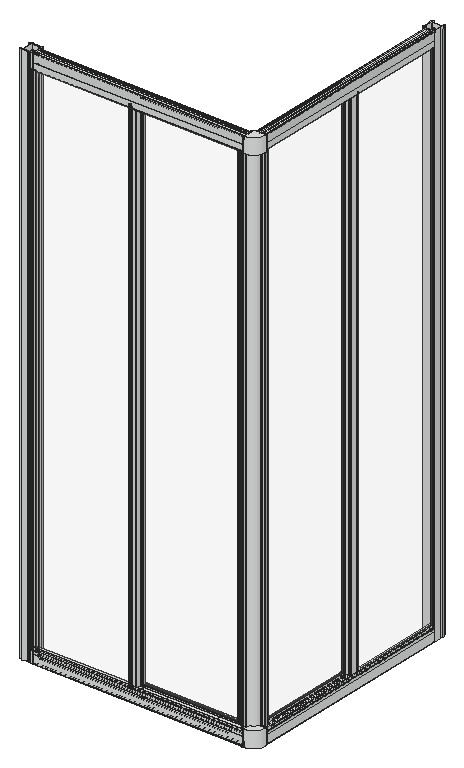
Revit family "Shower-Shower_Door-KOHLER-ODEON-K-17117T_1", category Specialty Equipment, host Face, Revit 2017
Family settings
  Host = Face
  Round Connector Dimension = Use Diameter
  Part Type = Normal
  OmniClass Number = 23.31.17.17
  OmniClass Title = Shower Enclosures
  Cut with Voids When Loaded = No
  Shared = No
  Room Calculation Point = No
Parameters (values of type "SH-Bright Silver")
  Width = 31 133/256"  # constant formula
  WaterSense Certified = 1 = 0  # no
  URL = "http://www.kohler.com.cn/"
  Type = 1
  Product Page URL = ""
  Product Name = "ODEON"  # constant formula
  Product Documentation Link = ""
  Model = if(Type = 1, "K-17117T-L-SH", if(Type = 2, "K-17117T-L-0", "NA"))  # "K-17117T-L-SH"
  Material = "Aluminum"  # constant formula
  Master Format 2014 Name = "Shower Doors"  # constant formula
  Master Format 2014 = "10 28 19.16"  # constant formula
  Manufacturer Address = "Kohler Beijing Office (100016) 36-2-03-B, No. 88, Liuxiang Road, Beijing"  # constant formula
  Manufacturer = "KOHLER Co."  # constant formula
  Length = 31 69/128"  # constant formula
  Height = 72 53/64"  # constant formula
  Finish = Kohler-Metal-SH-Bright_Silver
  Environmental Product Declaration = ""
  Description = "HINGED, L SHAPE, SEALED, 8"  # constant formula
  Default Elevation = 0"
  Declare Label = ""
  Date Modified = "09/24/2021"  # constant formula
  Date Created = "09/24/2021"  # constant formula
  Copyright = "Copyright KOHLER Co."  # constant formula
  Contact Us = "http://www.kohler.com.cn/contact/contact-us/"
  Assembly Code = "C1030200"
  ADA Compliant = 1 = 0  # no
Reference planes (in)
  plane 1 "Center (Front/Back)": y = 0
  plane 2: z = 0
  plane 3 "Center (Left/Right)": x = 0
  plane 4: z = 36.415
  plane 5: z = 70.84
  plane 6: z = 72.82812
  plane 7: x = -0.83435
  plane 8: x = -1.63947
  plane 9: x = -31.51953
  plane 10: x = -29.77591
  plane 11: x = -15.76
  plane 12: y = 0.85316
  plane 13: y = 1.65828
  plane 14: y = 15.77
  plane 15: y = 31.53906
  plane 16: z = 1.99
Dimensions and locks (in)
  "Width": plane 9 to plane 3 "Center (Left/Right)"
  "Length": plane 15 to plane 1 "Center (Front/Back)"
  "Height": plane 6 to level
  plane 5 to level = 70.84"  (x2)
  plane 6 to plane 5 = 1.98813"
  plane 16 to level = 1.99"
  plane 1 "Center (Front/Back)" to plane 15 = 31 69/128"
  aligned and locked: plane 2 to host face
  aligned and locked: level to host face
Automatic sketch dimensions
  host sketch curve to host sketch curve = 96"  (x2)
Nested families (in)
  nested 1: "K-17117T" at (0, 0, 0), type "K17117T"
Definition of nested family "K-17117T"
  Parameters (values of type "K-17117T")
    Material = none
  Reference planes (in)
    plane 1 "Center (Front/Back)": y = 0
    plane 2: z = 0
    plane 3 "Center (Left/Right)": x = 0
    plane 4: z = 72.83
    plane 5: z = 70.84
    plane 6: x = -31.52
    plane 7: y = 31.54
    plane 8: y = 0.04804
    plane 9: y = 1.65828
    plane 10: y = 0.85316
    plane 11: x = -1.63947
    plane 12: x = -0.02924
    plane 13: x = -0.83435
    plane 14: z = 36.415
    plane 15: y = 15.77
    plane 16: x = -15.76
    plane 17: x = -7.88
  Forms (in)
    Extrusion 1, solid, material <- "Material", detail levels medium+fine
      sketch origin (0, 0, 0) x (1, 0, 0) y (0, 1, 0)
        loop
          line (-1.51742, 31.20946) -> (-1.51742, 31.5136)
          arc (-1.51742, 31.5136) -> (-1.54203, 31.5382) -> (-1.56664, 31.5136) r 0.02461
          line (-1.56664, 31.5136) -> (-1.56664, 30.16123)
          arc (-1.56664, 30.16123) -> (-1.54203, 30.13663) -> (-1.51742, 30.16123) r 0.02461
          line (-1.51742, 30.16123) -> (-1.51742, 31.12088)
          arc (-1.51742, 31.12088) -> (-1.51166, 31.1348) -> (-1.49774, 31.14056) r 0.01969
          line (-1.49774, 31.14056) -> (-0.17097, 31.14056)
          arc (-0.17097, 31.14056) -> (-0.15705, 31.1348) -> (-0.15128, 31.12088) r 0.01969
          line (-0.15128, 31.12088) -> (-0.15128, 30.56281)
          arc (-0.15128, 30.56281) -> (-0.12668, 30.5382) -> (-0.10207, 30.56281) r 0.02461
          line (-0.10207, 30.56281) -> (-0.10207, 31.5136)
          arc (-0.10207, 31.5136) -> (-0.12668, 31.5382) -> (-0.15128, 31.5136) r 0.02461
          line (-0.15128, 31.5136) -> (-0.15128, 31.20946)
          arc (-0.15128, 31.20946) -> (-0.15705, 31.19554) -> (-0.17097, 31.18978) r 0.01969
          line (-0.17097, 31.18978) -> (-1.49774, 31.18978)
          arc (-1.49774, 31.18978) -> (-1.51166, 31.19554) -> (-1.51742, 31.20946) r 0.01969
      from 0 to 72.83465
    Extrusion 2, solid, material <- "Material", detail levels medium+fine
      sketch origin (0, 0, 0) x (1, 0, 0) y (0, 1, 0)
        loop
          line (-1.57845, 29.84332) -> (-1.57845, 31.21825)
          arc (-1.57845, 31.21825) -> (-1.61486, 31.25358) -> (-1.64909, 31.21613) r 0.03535
          arc (-1.64909, 31.21613) -> (-1.63564, 30.93421) -> (-1.62902, 30.65204) r 11.65033
          arc (-1.62902, 30.65204) -> (-1.63243, 30.24386) -> (-1.65189, 29.83613) r 10.37372
          arc (-1.65189, 29.83613) -> (-1.64137, 29.80659) -> (-1.61261, 29.79411) r 0.03937
          line (-1.61261, 29.79411) -> (-0.48248, 29.79411) -> (-0.48248, 29.84332) -> (-0.52333, 29.84332) -> (-0.48248, 29.89446) -> (-0.52333, 29.89446) -> (-0.48248, 29.94561) -> (-0.52333, 29.94561) -> (-0.48248, 29.99675) -> (-0.52333, 29.99675) -> (-0.48248, 30.04789) -> (-0.52333, 30.04789) -> (-0.48248, 30.09904) -> (-0.52333, 30.09904) -> (-0.52333, 30.16846)
          arc (-0.52333, 30.16846) -> (-0.51651, 30.18492) -> (-0.50004, 30.19175) r 0.02329
          line (-0.50004, 30.19175) -> (-0.09421, 30.19175) -> (-0.09421, 29.84332) -> (-0.22609, 29.84332) -> (-0.22609, 29.79411) -> (-0.0561, 29.79411)
          arc (-0.0561, 29.79411) -> (-0.02733, 29.80659) -> (-0.01681, 29.83613) r 0.03937
          arc (-0.01681, 29.83613) -> (-0.03628, 30.24386) -> (-0.03968, 30.65204) r 10.37372
          arc (-0.03968, 30.65204) -> (-0.03307, 30.93421) -> (-0.01962, 31.21613) r 11.65033
          arc (-0.01962, 31.21613) -> (-0.05385, 31.25358) -> (-0.09026, 31.21825) r 0.03535
          line (-0.09026, 31.21825) -> (-0.09026, 30.24096) -> (-0.51404, 30.24096)
          arc (-0.51404, 30.24096) -> (-0.55541, 30.22382) -> (-0.57254, 30.18245) r 0.05851
          line (-0.57254, 30.18245) -> (-0.57254, 29.84332) -> (-1.57845, 29.84332)
      from 0 to 72.83465
    Extrusion 3, solid, material <- "Material", detail levels medium+fine
      sketch origin (0.0182, 0.01881, 0) x (0, -1, 0) y (1, 0, 0)
        loop
          arc (-1.51742, -31.20946) -> (-1.51166, -31.19554) -> (-1.49774, -31.18978) r 0.01969
          line (-1.49774, -31.18978) -> (-0.17097, -31.18978)
          arc (-0.17097, -31.18978) -> (-0.15705, -31.19554) -> (-0.15128, -31.20946) r 0.01969
          line (-0.15128, -31.20946) -> (-0.15128, -31.5136)
          arc (-0.15128, -31.5136) -> (-0.12668, -31.5382) -> (-0.10207, -31.5136) r 0.02461
          line (-0.10207, -31.5136) -> (-0.10207, -30.56281)
          arc (-0.10207, -30.56281) -> (-0.12668, -30.5382) -> (-0.15128, -30.56281) r 0.02461
          line (-0.15128, -30.56281) -> (-0.15128, -31.12088)
          arc (-0.15128, -31.12088) -> (-0.15705, -31.1348) -> (-0.17097, -31.14056) r 0.01969
          line (-0.17097, -31.14056) -> (-1.49774, -31.14056)
          arc (-1.49774, -31.14056) -> (-1.51166, -31.1348) -> (-1.51742, -31.12088) r 0.01969
          line (-1.51742, -31.12088) -> (-1.51742, -30.16123)
          arc (-1.51742, -30.16123) -> (-1.54203, -30.13663) -> (-1.56664, -30.16123) r 0.02461
          line (-1.56664, -30.16123) -> (-1.56664, -31.5136)
          arc (-1.56664, -31.5136) -> (-1.54203, -31.5382) -> (-1.51742, -31.5136) r 0.02461
          line (-1.51742, -31.5136) -> (-1.51742, -31.20946)
      from 0 to 72.83
    Extrusion 4, solid, material <- "Material", detail levels medium+fine
      sketch origin (0.0182, 0.03062, 0) x (0, -1, 0) y (1, 0, 0)
        loop
          line (-1.57845, -29.84332) -> (-0.57254, -29.84332) -> (-0.57254, -30.18245)
          arc (-0.57254, -30.18245) -> (-0.55541, -30.22382) -> (-0.51404, -30.24096) r 0.05851
          line (-0.51404, -30.24096) -> (-0.09026, -30.24096) -> (-0.09026, -31.21825)
          arc (-0.09026, -31.21825) -> (-0.05385, -31.25358) -> (-0.01962, -31.21613) r 0.03535
          arc (-0.01962, -31.21613) -> (-0.03307, -30.93421) -> (-0.03968, -30.65204) r 11.65033
          arc (-0.03968, -30.65204) -> (-0.03628, -30.24386) -> (-0.01681, -29.83613) r 10.37372
          arc (-0.01681, -29.83613) -> (-0.02733, -29.80659) -> (-0.0561, -29.79411) r 0.03937
          line (-0.0561, -29.79411) -> (-0.22609, -29.79411) -> (-0.22609, -29.84332) -> (-0.09421, -29.84332) -> (-0.09421, -30.19175) -> (-0.50004, -30.19175)
          arc (-0.50004, -30.19175) -> (-0.51651, -30.18492) -> (-0.52333, -30.16846) r 0.02329
          line (-0.52333, -30.16846) -> (-0.52333, -30.09904) -> (-0.48248, -30.09904) -> (-0.52333, -30.04789) -> (-0.48248, -30.04789) -> (-0.52333, -29.99675) -> (-0.48248, -29.99675) -> (-0.52333, -29.94561) -> (-0.48248, -29.94561) -> (-0.52333, -29.89446) -> (-0.48248, -29.89446) -> (-0.52333, -29.84332) -> (-0.48248, -29.84332) -> (-0.48248, -29.79411) -> (-1.61261, -29.79411)
          arc (-1.61261, -29.79411) -> (-1.64137, -29.80659) -> (-1.65189, -29.83613) r 0.03937
          arc (-1.65189, -29.83613) -> (-1.63243, -30.24386) -> (-1.62902, -30.65204) r 10.37372
          arc (-1.62902, -30.65204) -> (-1.63564, -30.93421) -> (-1.64909, -31.21613) r 11.65033
          arc (-1.64909, -31.21613) -> (-1.61486, -31.25358) -> (-1.57845, -31.21825) r 0.03535
          line (-1.57845, -31.21825) -> (-1.57845, -29.84332)
      from 0 to 72.83
    Extrusion 5, solid, material <- "Material", detail levels medium+fine
      sketch origin (0, 0, 0) x (0, 1, 0) y (0, 0, 1)
        loop
          arc (0.15434, 72.68504) -> (0.14042, 72.6908) -> (0.13466, 72.70472) r 0.01969
          line (0.13466, 72.70472) -> (0.13466, 72.81496)
          arc (0.13466, 72.81496) -> (0.12889, 72.82888) -> (0.11497, 72.83465) r 0.01969
          line (0.11497, 72.83465) -> (0.07602, 72.83465)
          arc (0.07602, 72.83465) -> (0.06152, 72.82827) -> (0.05641, 72.81328) r 0.01969
          arc (0.05641, 72.81328) -> (0.09213, 72.2581) -> (0.10405, 71.7019) r 12.98786
          line (0.10405, 71.7019) -> (0.10405, 70.87001)
          arc (0.10405, 70.87001) -> (0.12869, 70.84537) -> (0.15333, 70.87001) r 0.02464
          line (0.15333, 70.87001) -> (0.15333, 70.90945) -> (0.18884, 70.90945) -> (0.18884, 70.9845) -> (0.22231, 71.00382) -> (0.22231, 71.06681) -> (0.16178, 71.03186) -> (0.16178, 71.10667) -> (0.22231, 71.14161) -> (0.22231, 71.2046) -> (0.16178, 71.16966) -> (0.16178, 71.30709)
          arc (0.16178, 71.30709) -> (0.17331, 71.33493) -> (0.20115, 71.34646) r 0.03937
          line (0.20115, 71.34646) -> (0.53377, 71.34646)
          arc (0.53377, 71.34646) -> (0.56161, 71.33493) -> (0.57314, 71.30709) r 0.03937
          line (0.57314, 71.30709) -> (0.57314, 71.16966) -> (0.51261, 71.2046) -> (0.51261, 71.14161) -> (0.57314, 71.10667) -> (0.57314, 71.03186) -> (0.51261, 71.06681) -> (0.51261, 71.00382) -> (0.54608, 70.9845) -> (0.54608, 70.90945) -> (0.62314, 70.90945) -> (0.62314, 71.53937)
          arc (0.62314, 71.53937) -> (0.64501, 71.62726) -> (0.70553, 71.69465) r 0.18752
          arc (0.70553, 71.69465) -> (0.75009, 71.73086) -> (0.78771, 71.77424) r 0.33008
          arc (0.78771, 71.77424) -> (0.8257, 71.80623) -> (0.87424, 71.81671) r 0.10292
          line (0.87424, 71.81671) -> (1.15053, 71.83506)
          arc (1.15053, 71.83506) -> (1.26004, 71.87689) -> (1.32708, 71.97306) r 0.19927
          arc (1.32708, 71.97306) -> (1.31719, 71.99229) -> (1.29795, 71.9824) r 0.0153
          arc (1.29795, 71.9824) -> (1.15404, 71.8821) -> (1.01012, 71.9824) r 0.1534
          arc (1.01012, 71.9824) -> (0.99157, 72.00259) -> (0.96419, 72.00394) r 0.03611
          line (0.96419, 72.00394) -> (0.96419, 72.2025)
          arc (0.96419, 72.2025) -> (0.93919, 72.2275) -> (0.91419, 72.2025) r 0.025
          line (0.91419, 72.2025) -> (0.91419, 71.87855) -> (0.76458, 71.86861) -> (0.76458, 72.5426)
          arc (0.76458, 72.5426) -> (0.80053, 72.6294) -> (0.88733, 72.66535) r 0.12275
          line (0.88733, 72.66535) -> (1.20946, 72.66535)
          arc (1.20946, 72.66535) -> (1.25122, 72.68265) -> (1.26852, 72.72441) r 0.05906
          line (1.26852, 72.72441) -> (1.26852, 72.80821)
          arc (1.26852, 72.80821) -> (1.24352, 72.83321) -> (1.21852, 72.80821) r 0.025
          line (1.21852, 72.80821) -> (1.21852, 72.74409)
          arc (1.21852, 72.74409) -> (1.21275, 72.73018) -> (1.19883, 72.72441) r 0.01969
          line (1.19883, 72.72441) -> (0.88269, 72.72441)
          arc (0.88269, 72.72441) -> (0.82107, 72.7143) -> (0.7659, 72.68504) r 0.19291
          line (0.7659, 72.68504) -> (0.15434, 72.68504)
        loop
          line (0.67009, 72.62598) -> (0.53939, 72.62598)
          arc (0.53939, 72.62598) -> (0.51455, 72.61346) -> (0.50985, 72.58604) r 0.0309
          arc (0.50985, 72.58604) -> (0.51389, 72.52569) -> (0.49069, 72.46984) r 0.13247
          arc (0.49069, 72.46984) -> (0.4506, 72.46332) -> (0.44407, 72.50341) r 0.02872
          arc (0.44407, 72.50341) -> (0.38342, 72.62227) -> (0.32202, 72.50379) r 0.07503
          arc (0.32202, 72.50379) -> (0.31808, 72.46559) -> (0.2797, 72.46454) r 0.0291
          arc (0.2797, 72.46454) -> (0.25317, 72.52184) -> (0.25617, 72.5849) r 0.13247
          arc (0.25617, 72.5849) -> (0.25114, 72.61313) -> (0.2255, 72.62598) r 0.03199
          line (0.2255, 72.62598) -> (0.16768, 72.62598)
          arc (0.16768, 72.62598) -> (0.14398, 72.61592) -> (0.13475, 72.59189) r 0.03295
          line (0.13475, 72.59189) -> (0.17588, 71.41411)
          arc (0.17588, 71.41411) -> (0.20052, 71.4097) -> (0.2255, 71.40822) r 0.21212
          arc (0.2255, 71.40822) -> (0.25114, 71.42107) -> (0.25617, 71.4493) r 0.03199
          arc (0.25617, 71.4493) -> (0.25317, 71.51237) -> (0.2797, 71.56966) r 0.13247
          arc (0.2797, 71.56966) -> (0.31808, 71.56862) -> (0.32202, 71.53042) r 0.0291
          arc (0.32202, 71.53042) -> (0.38342, 71.41193) -> (0.44407, 71.5308) r 0.07503
          arc (0.44407, 71.5308) -> (0.4506, 71.57089) -> (0.49069, 71.56436) r 0.02872
          arc (0.49069, 71.56436) -> (0.51389, 71.50851) -> (0.50985, 71.44817) r 0.13247
          arc (0.50985, 71.44817) -> (0.52537, 71.41158) -> (0.56409, 71.42054) r 0.0309
          line (0.56409, 71.42054) -> (0.56409, 71.54)
          arc (0.56409, 71.54) -> (0.60212, 71.67833) -> (0.70553, 71.77778) r 0.2706
          line (0.70553, 71.77778) -> (0.70553, 72.59055)
          arc (0.70553, 72.59055) -> (0.69515, 72.61561) -> (0.67009, 72.62598) r 0.03543
      from -29.77591 to -1.62569
    Extrusion 6, solid, material <- "Material", detail levels medium+fine
      sketch origin (0.01881, 0, 0) x (-1, 0, 0) y (0, 0, -1)
        loop
          line (0.15434, -72.68504) -> (0.7659, -72.68504)
          arc (0.7659, -72.68504) -> (0.82107, -72.7143) -> (0.88269, -72.72441) r 0.19291
          line (0.88269, -72.72441) -> (1.19883, -72.72441)
          arc (1.19883, -72.72441) -> (1.21275, -72.73018) -> (1.21852, -72.74409) r 0.01969
          line (1.21852, -72.74409) -> (1.21852, -72.80821)
          arc (1.21852, -72.80821) -> (1.24352, -72.83321) -> (1.26852, -72.80821) r 0.025
          line (1.26852, -72.80821) -> (1.26852, -72.72441)
          arc (1.26852, -72.72441) -> (1.25122, -72.68265) -> (1.20946, -72.66535) r 0.05906
          line (1.20946, -72.66535) -> (0.88733, -72.66535)
          arc (0.88733, -72.66535) -> (0.80053, -72.6294) -> (0.76458, -72.5426) r 0.12275
          line (0.76458, -72.5426) -> (0.76458, -71.86861) -> (0.91419, -71.87855) -> (0.91419, -72.2025)
          arc (0.91419, -72.2025) -> (0.93919, -72.2275) -> (0.96419, -72.2025) r 0.025
          line (0.96419, -72.2025) -> (0.96419, -72.00394)
          arc (0.96419, -72.00394) -> (0.99157, -72.00259) -> (1.01012, -71.9824) r 0.03611
          arc (1.01012, -71.9824) -> (1.15404, -71.8821) -> (1.29795, -71.9824) r 0.1534
          arc (1.29795, -71.9824) -> (1.31719, -71.99229) -> (1.32708, -71.97306) r 0.0153
          arc (1.32708, -71.97306) -> (1.26004, -71.87689) -> (1.15053, -71.83506) r 0.19927
          line (1.15053, -71.83506) -> (0.87424, -71.81671)
          arc (0.87424, -71.81671) -> (0.8257, -71.80623) -> (0.78771, -71.77424) r 0.10292
          arc (0.78771, -71.77424) -> (0.75009, -71.73086) -> (0.70553, -71.69465) r 0.33008
          arc (0.70553, -71.69465) -> (0.64501, -71.62726) -> (0.62314, -71.53937) r 0.18752
          line (0.62314, -71.53937) -> (0.62314, -70.90945) -> (0.54608, -70.90945) -> (0.54608, -70.9845) -> (0.51261, -71.00382) -> (0.51261, -71.06681) -> (0.57314, -71.03186) -> (0.57314, -71.10667) -> (0.51261, -71.14161) -> (0.51261, -71.2046) -> (0.57314, -71.16966) -> (0.57314, -71.30709)
          arc (0.57314, -71.30709) -> (0.56161, -71.33493) -> (0.53377, -71.34646) r 0.03937
          line (0.53377, -71.34646) -> (0.20115, -71.34646)
          arc (0.20115, -71.34646) -> (0.17331, -71.33493) -> (0.16178, -71.30709) r 0.03937
          line (0.16178, -71.30709) -> (0.16178, -71.16966) -> (0.22231, -71.2046) -> (0.22231, -71.14161) -> (0.16178, -71.10667) -> (0.16178, -71.03186) -> (0.22231, -71.06681) -> (0.22231, -71.00382) -> (0.18884, -70.9845) -> (0.18884, -70.90945) -> (0.15333, -70.90945) -> (0.15333, -70.87001)
          arc (0.15333, -70.87001) -> (0.12869, -70.84537) -> (0.10405, -70.87001) r 0.02464
          line (0.10405, -70.87001) -> (0.10405, -71.7019)
          arc (0.10405, -71.7019) -> (0.09213, -72.2581) -> (0.05641, -72.81328) r 12.98786
          arc (0.05641, -72.81328) -> (0.06152, -72.82827) -> (0.07602, -72.83465) r 0.01969
          line (0.07602, -72.83465) -> (0.11497, -72.83465)
          arc (0.11497, -72.83465) -> (0.12889, -72.82888) -> (0.13466, -72.81496) r 0.01969
          line (0.13466, -72.81496) -> (0.13466, -72.70472)
          arc (0.13466, -72.70472) -> (0.14042, -72.6908) -> (0.15434, -72.68504) r 0.01969
        loop
          arc (0.67009, -72.62598) -> (0.69515, -72.61561) -> (0.70553, -72.59055) r 0.03543
          line (0.70553, -72.59055) -> (0.70553, -71.77778)
          arc (0.70553, -71.77778) -> (0.60212, -71.67833) -> (0.56409, -71.54) r 0.2706
          line (0.56409, -71.54) -> (0.56409, -71.42054)
          arc (0.56409, -71.42054) -> (0.52537, -71.41158) -> (0.50985, -71.44817) r 0.0309
          arc (0.50985, -71.44817) -> (0.51389, -71.50851) -> (0.49069, -71.56436) r 0.13247
          arc (0.49069, -71.56436) -> (0.4506, -71.57089) -> (0.44407, -71.5308) r 0.02872
          arc (0.44407, -71.5308) -> (0.38342, -71.41193) -> (0.32202, -71.53042) r 0.07503
          arc (0.32202, -71.53042) -> (0.31808, -71.56862) -> (0.2797, -71.56966) r 0.0291
          arc (0.2797, -71.56966) -> (0.25317, -71.51237) -> (0.25617, -71.4493) r 0.13247
          arc (0.25617, -71.4493) -> (0.25114, -71.42107) -> (0.2255, -71.40822) r 0.03199
          arc (0.2255, -71.40822) -> (0.20052, -71.4097) -> (0.17588, -71.41411) r 0.21212
          line (0.17588, -71.41411) -> (0.13475, -72.59189)
          arc (0.13475, -72.59189) -> (0.14398, -72.61592) -> (0.16768, -72.62598) r 0.03295
          line (0.16768, -72.62598) -> (0.2255, -72.62598)
          arc (0.2255, -72.62598) -> (0.25114, -72.61313) -> (0.25617, -72.5849) r 0.03199
          arc (0.25617, -72.5849) -> (0.25317, -72.52184) -> (0.2797, -72.46454) r 0.13247
          arc (0.2797, -72.46454) -> (0.31808, -72.46559) -> (0.32202, -72.50379) r 0.0291
          arc (0.32202, -72.50379) -> (0.38342, -72.62227) -> (0.44407, -72.50341) r 0.07503
          arc (0.44407, -72.50341) -> (0.4506, -72.46332) -> (0.49069, -72.46984) r 0.02872
          arc (0.49069, -72.46984) -> (0.51389, -72.52569) -> (0.50985, -72.58604) r 0.13247
          arc (0.50985, -72.58604) -> (0.51455, -72.61346) -> (0.53939, -72.62598) r 0.0309
          line (0.53939, -72.62598) -> (0.67009, -72.62598)
      from -29.77591 to -1.6445
    Extrusion 7, solid, material <- "Material"
      sketch origin (0, 0, 0) x (1, 0, 0) y (0, 1, 0)
        loop
          line (-1.24971, 1.72324) -> (-1.36991, 1.72324)
          arc (-1.36991, 1.72324) -> (-1.3875, 1.71595) -> (-1.39479, 1.69836) r 0.02488
          line (-1.39479, 1.69836) -> (-1.39479, 1.6445)
          arc (-1.39479, 1.6445) -> (-1.46242, 1.48123) -> (-1.62569, 1.4136) r 0.2309
          line (-1.62569, 1.4136) -> (-1.68081, 1.4136)
          arc (-1.68081, 1.4136) -> (-1.69751, 1.40668) -> (-1.70443, 1.38998) r 0.02362
          line (-1.70443, 1.38998) -> (-1.70443, 1.26852) -> (-1.62569, 1.26852) -> (-1.62569, 0.06147) -> (-1.70443, 0.06147) -> (-1.70443, 0.0277)
          arc (-1.70443, 0.0277) -> (-1.69598, 0.00685) -> (-1.67539, -0.00223) r 0.02994
          arc (-1.67539, -0.00223) -> (-0.45847, 0.48184) -> (0.02083, 1.70065) r 1.64748
          arc (0.02083, 1.70065) -> (0.01431, 1.71533) -> (-0.00058, 1.72134) r 0.02142
          line (-0.00058, 1.72134) -> (-0.03958, 1.72134) -> (-0.03958, 1.6445) -> (-1.24971, 1.6445) -> (-1.24971, 1.72324)
      from 70.78663 to 72.83465
    Extrusion 8, solid, material <- "Material", detail levels medium+fine
      sketch origin (0, 0, 72.83) x (0, 1, 0) y (0, 0, 1)
        loop
          line (0.15434, -72.68504) -> (0.7659, -72.68504)
          arc (0.7659, -72.68504) -> (0.82107, -72.7143) -> (0.88269, -72.72441) r 0.19291
          line (0.88269, -72.72441) -> (1.19883, -72.72441)
          arc (1.19883, -72.72441) -> (1.21275, -72.73018) -> (1.21852, -72.74409) r 0.01969
          line (1.21852, -72.74409) -> (1.21852, -72.80821)
          arc (1.21852, -72.80821) -> (1.24352, -72.83321) -> (1.26852, -72.80821) r 0.025
          line (1.26852, -72.80821) -> (1.26852, -72.72441)
          arc (1.26852, -72.72441) -> (1.25122, -72.68265) -> (1.20946, -72.66535) r 0.05906
          line (1.20946, -72.66535) -> (0.88733, -72.66535)
          arc (0.88733, -72.66535) -> (0.80053, -72.6294) -> (0.76458, -72.5426) r 0.12275
          line (0.76458, -72.5426) -> (0.76458, -71.86861) -> (0.91419, -71.87855) -> (0.91419, -72.2025)
          arc (0.91419, -72.2025) -> (0.93919, -72.2275) -> (0.96419, -72.2025) r 0.025
          line (0.96419, -72.2025) -> (0.96419, -72.00394)
          arc (0.96419, -72.00394) -> (0.99157, -72.00259) -> (1.01012, -71.9824) r 0.03611
          arc (1.01012, -71.9824) -> (1.15404, -71.8821) -> (1.29795, -71.9824) r 0.1534
          arc (1.29795, -71.9824) -> (1.31719, -71.99229) -> (1.32708, -71.97306) r 0.0153
          arc (1.32708, -71.97306) -> (1.26004, -71.87689) -> (1.15053, -71.83506) r 0.19927
          line (1.15053, -71.83506) -> (0.87424, -71.81671)
          arc (0.87424, -71.81671) -> (0.8257, -71.80623) -> (0.78771, -71.77424) r 0.10292
          arc (0.78771, -71.77424) -> (0.75009, -71.73086) -> (0.70553, -71.69465) r 0.33008
          arc (0.70553, -71.69465) -> (0.64501, -71.62726) -> (0.62314, -71.53937) r 0.18752
          line (0.62314, -71.53937) -> (0.62314, -70.90945) -> (0.15333, -70.90945) -> (0.15333, -70.87001)
          arc (0.15333, -70.87001) -> (0.12869, -70.84537) -> (0.10405, -70.87001) r 0.02464
          line (0.10405, -70.87001) -> (0.10405, -71.7019)
          arc (0.10405, -71.7019) -> (0.09213, -72.2581) -> (0.05641, -72.81328) r 12.98786
          arc (0.05641, -72.81328) -> (0.06152, -72.82827) -> (0.07602, -72.83465) r 0.01969
          line (0.07602, -72.83465) -> (0.11497, -72.83465)
          arc (0.11497, -72.83465) -> (0.12889, -72.82888) -> (0.13466, -72.81496) r 0.01969
          line (0.13466, -72.81496) -> (0.13466, -72.70472)
          arc (0.13466, -72.70472) -> (0.14042, -72.6908) -> (0.15434, -72.68504) r 0.01969
        loop
          arc (0.67009, -72.62598) -> (0.69515, -72.61561) -> (0.70553, -72.59055) r 0.03543
          line (0.70553, -72.59055) -> (0.70553, -71.77778)
          arc (0.70553, -71.77778) -> (0.60212, -71.67833) -> (0.56409, -71.54) r 0.2706
          line (0.56409, -71.54) -> (0.56409, -71.42054)
          arc (0.56409, -71.42054) -> (0.52537, -71.41158) -> (0.50985, -71.44817) r 0.0309
          arc (0.50985, -71.44817) -> (0.51389, -71.50851) -> (0.49069, -71.56436) r 0.13247
          arc (0.49069, -71.56436) -> (0.4506, -71.57089) -> (0.44407, -71.5308) r 0.02872
          arc (0.44407, -71.5308) -> (0.38342, -71.41193) -> (0.32202, -71.53042) r 0.07503
          arc (0.32202, -71.53042) -> (0.31808, -71.56862) -> (0.2797, -71.56966) r 0.0291
          arc (0.2797, -71.56966) -> (0.25317, -71.51237) -> (0.25617, -71.4493) r 0.13247
          arc (0.25617, -71.4493) -> (0.25114, -71.42107) -> (0.2255, -71.40822) r 0.03199
          arc (0.2255, -71.40822) -> (0.20052, -71.4097) -> (0.17588, -71.41411) r 0.21212
          line (0.17588, -71.41411) -> (0.13475, -72.59189)
          arc (0.13475, -72.59189) -> (0.14398, -72.61592) -> (0.16768, -72.62598) r 0.03295
          line (0.16768, -72.62598) -> (0.2255, -72.62598)
          arc (0.2255, -72.62598) -> (0.25114, -72.61313) -> (0.25617, -72.5849) r 0.03199
          arc (0.25617, -72.5849) -> (0.25317, -72.52184) -> (0.2797, -72.46454) r 0.13247
          arc (0.2797, -72.46454) -> (0.31808, -72.46559) -> (0.32202, -72.50379) r 0.0291
          arc (0.32202, -72.50379) -> (0.38342, -72.62227) -> (0.44407, -72.50341) r 0.07503
          arc (0.44407, -72.50341) -> (0.4506, -72.46332) -> (0.49069, -72.46984) r 0.02872
          arc (0.49069, -72.46984) -> (0.51389, -72.52569) -> (0.50985, -72.58604) r 0.13247
          arc (0.50985, -72.58604) -> (0.51455, -72.61346) -> (0.53939, -72.62598) r 0.0309
          line (0.53939, -72.62598) -> (0.67009, -72.62598)
        loop
          arc (0.53377, -71.34646) -> (0.56161, -71.33493) -> (0.57314, -71.30709) r 0.03937
          line (0.57314, -71.30709) -> (0.57314, -71.16966) -> (0.51261, -71.2046) -> (0.51261, -71.14161) -> (0.57314, -71.10667) -> (0.57314, -71.03186) -> (0.51261, -71.06681) -> (0.51261, -71.00382) -> (0.56423, -70.97402) -> (0.1707, -70.97402) -> (0.22231, -71.00382) -> (0.22231, -71.06681) -> (0.16178, -71.03186) -> (0.16178, -71.10667) -> (0.22231, -71.14161) -> (0.22231, -71.2046) -> (0.16178, -71.16966) -> (0.16178, -71.30709)
          arc (0.16178, -71.30709) -> (0.17331, -71.33493) -> (0.20115, -71.34646) r 0.03937
          line (0.20115, -71.34646) -> (0.53377, -71.34646)
      from -29.77591 to -1.62569
    Extrusion 9, solid, material <- "Material", detail levels medium+fine
      sketch origin (0.01881, 0, 72.83) x (-1, 0, 0) y (0, 0, -1)
        loop
          arc (0.15434, 72.68504) -> (0.14042, 72.6908) -> (0.13466, 72.70472) r 0.01969
          line (0.13466, 72.70472) -> (0.13466, 72.81496)
          arc (0.13466, 72.81496) -> (0.12889, 72.82888) -> (0.11497, 72.83465) r 0.01969
          line (0.11497, 72.83465) -> (0.07602, 72.83465)
          arc (0.07602, 72.83465) -> (0.06152, 72.82827) -> (0.05641, 72.81328) r 0.01969
          arc (0.05641, 72.81328) -> (0.09213, 72.2581) -> (0.10405, 71.7019) r 12.98786
          line (0.10405, 71.7019) -> (0.10405, 70.87001)
          arc (0.10405, 70.87001) -> (0.12869, 70.84537) -> (0.15333, 70.87001) r 0.02464
          line (0.15333, 70.87001) -> (0.15333, 70.90945) -> (0.62314, 70.90945) -> (0.62314, 71.53937)
          arc (0.62314, 71.53937) -> (0.64501, 71.62726) -> (0.70553, 71.69465) r 0.18752
          arc (0.70553, 71.69465) -> (0.75009, 71.73086) -> (0.78771, 71.77424) r 0.33008
          arc (0.78771, 71.77424) -> (0.8257, 71.80623) -> (0.87424, 71.81671) r 0.10292
          line (0.87424, 71.81671) -> (1.15053, 71.83506)
          arc (1.15053, 71.83506) -> (1.26004, 71.87689) -> (1.32708, 71.97306) r 0.19927
          arc (1.32708, 71.97306) -> (1.31719, 71.99229) -> (1.29795, 71.9824) r 0.0153
          arc (1.29795, 71.9824) -> (1.15404, 71.8821) -> (1.01012, 71.9824) r 0.1534
          arc (1.01012, 71.9824) -> (0.99157, 72.00259) -> (0.96419, 72.00394) r 0.03611
          line (0.96419, 72.00394) -> (0.96419, 72.2025)
          arc (0.96419, 72.2025) -> (0.93919, 72.2275) -> (0.91419, 72.2025) r 0.025
          line (0.91419, 72.2025) -> (0.91419, 71.87855) -> (0.76458, 71.86861) -> (0.76458, 72.5426)
          arc (0.76458, 72.5426) -> (0.80053, 72.6294) -> (0.88733, 72.66535) r 0.12275
          line (0.88733, 72.66535) -> (1.20946, 72.66535)
          arc (1.20946, 72.66535) -> (1.25122, 72.68265) -> (1.26852, 72.72441) r 0.05906
          line (1.26852, 72.72441) -> (1.26852, 72.80821)
          arc (1.26852, 72.80821) -> (1.24352, 72.83321) -> (1.21852, 72.80821) r 0.025
          line (1.21852, 72.80821) -> (1.21852, 72.74409)
          arc (1.21852, 72.74409) -> (1.21275, 72.73018) -> (1.19883, 72.72441) r 0.01969
          line (1.19883, 72.72441) -> (0.88269, 72.72441)
          arc (0.88269, 72.72441) -> (0.82107, 72.7143) -> (0.7659, 72.68504) r 0.19291
          line (0.7659, 72.68504) -> (0.15434, 72.68504)
        loop
          line (0.67009, 72.62598) -> (0.53939, 72.62598)
          arc (0.53939, 72.62598) -> (0.51455, 72.61346) -> (0.50985, 72.58604) r 0.0309
          arc (0.50985, 72.58604) -> (0.51389, 72.52569) -> (0.49069, 72.46984) r 0.13247
          arc (0.49069, 72.46984) -> (0.4506, 72.46332) -> (0.44407, 72.50341) r 0.02872
          arc (0.44407, 72.50341) -> (0.38342, 72.62227) -> (0.32202, 72.50379) r 0.07503
          arc (0.32202, 72.50379) -> (0.31808, 72.46559) -> (0.2797, 72.46454) r 0.0291
          arc (0.2797, 72.46454) -> (0.25317, 72.52184) -> (0.25617, 72.5849) r 0.13247
          arc (0.25617, 72.5849) -> (0.25114, 72.61313) -> (0.2255, 72.62598) r 0.03199
          line (0.2255, 72.62598) -> (0.16768, 72.62598)
          arc (0.16768, 72.62598) -> (0.14398, 72.61592) -> (0.13475, 72.59189) r 0.03295
          line (0.13475, 72.59189) -> (0.17588, 71.41411)
          arc (0.17588, 71.41411) -> (0.20052, 71.4097) -> (0.2255, 71.40822) r 0.21212
          arc (0.2255, 71.40822) -> (0.25114, 71.42107) -> (0.25617, 71.4493) r 0.03199
          arc (0.25617, 71.4493) -> (0.25317, 71.51237) -> (0.2797, 71.56966) r 0.13247
          arc (0.2797, 71.56966) -> (0.31808, 71.56862) -> (0.32202, 71.53042) r 0.0291
          arc (0.32202, 71.53042) -> (0.38342, 71.41193) -> (0.44407, 71.5308) r 0.07503
          arc (0.44407, 71.5308) -> (0.4506, 71.57089) -> (0.49069, 71.56436) r 0.02872
          arc (0.49069, 71.56436) -> (0.51389, 71.50851) -> (0.50985, 71.44817) r 0.13247
          arc (0.50985, 71.44817) -> (0.52537, 71.41158) -> (0.56409, 71.42054) r 0.0309
          line (0.56409, 71.42054) -> (0.56409, 71.54)
          arc (0.56409, 71.54) -> (0.60212, 71.67833) -> (0.70553, 71.77778) r 0.2706
          line (0.70553, 71.77778) -> (0.70553, 72.59055)
          arc (0.70553, 72.59055) -> (0.69515, 72.61561) -> (0.67009, 72.62598) r 0.03543
        loop
          line (0.53377, 71.34646) -> (0.20115, 71.34646)
          arc (0.20115, 71.34646) -> (0.17331, 71.33493) -> (0.16178, 71.30709) r 0.03937
          line (0.16178, 71.30709) -> (0.16178, 71.16966) -> (0.22231, 71.2046) -> (0.22231, 71.14161) -> (0.16178, 71.10667) -> (0.16178, 71.03186) -> (0.22231, 71.06681) -> (0.22231, 71.00382) -> (0.1474, 70.96057) -> (0.58752, 70.96057) -> (0.51261, 71.00382) -> (0.51261, 71.06681) -> (0.57314, 71.03186) -> (0.57314, 71.10667) -> (0.51261, 71.14161) -> (0.51261, 71.2046) -> (0.57314, 71.16966) -> (0.57314, 71.30709)
          arc (0.57314, 71.30709) -> (0.56161, 71.33493) -> (0.53377, 71.34646) r 0.03937
      from -29.77591 to -1.60907
    Extrusion 10, solid, material <- "Material", detail levels medium+fine
      sketch origin (0, 0, 0) x (1, 0, 0) y (0, 1, 0)
        loop
          line (-16.51231, 1.42678) -> (-17.04892, 1.42678) -> (-17.04892, 1.10395) -> (-16.51231, 1.10395) -> (-16.51231, 1.42678)
        loop
          line (-16.64919, 0.78681) -> (-16.91118, 1.04881)
          arc (-16.91118, 1.04881) -> (-16.50658, 1.05441) -> (-16.10235, 1.03625) r 6.88802
          arc (-16.10235, 1.03625) -> (-16.07035, 1.04747) -> (-16.05679, 1.07855) r 0.04241
          line (-16.05679, 1.07855) -> (-16.05679, 1.11073)
          arc (-16.05679, 1.11073) -> (-16.06288, 1.12542) -> (-16.07757, 1.13151) r 0.02078
          line (-16.07757, 1.13151) -> (-16.11585, 1.13151) -> (-16.11585, 1.09608) -> (-16.17722, 1.13151) -> (-16.17722, 1.09608) -> (-16.23859, 1.13151) -> (-16.23859, 1.09608) -> (-16.29997, 1.13151) -> (-16.29997, 1.09608) -> (-16.36134, 1.13151) -> (-16.36134, 1.09934) -> (-16.4412, 1.09934)
          arc (-16.4412, 1.09934) -> (-16.45613, 1.10552) -> (-16.46231, 1.12044) r 0.0211
          line (-16.46231, 1.12044) -> (-16.46231, 1.41029)
          arc (-16.46231, 1.41029) -> (-16.45613, 1.42522) -> (-16.4412, 1.4314) r 0.0211
          line (-16.4412, 1.4314) -> (-16.36134, 1.4314) -> (-16.36134, 1.39923) -> (-16.29997, 1.43466) -> (-16.29997, 1.39923) -> (-16.23859, 1.43466) -> (-16.23859, 1.39923) -> (-16.17722, 1.43466) -> (-16.17722, 1.39923) -> (-16.11585, 1.43466) -> (-16.11585, 1.39923) -> (-16.07757, 1.39923)
          arc (-16.07757, 1.39923) -> (-16.06288, 1.40531) -> (-16.05679, 1.42) r 0.02078
          line (-16.05679, 1.42) -> (-16.05679, 1.45219)
          arc (-16.05679, 1.45219) -> (-16.07035, 1.48327) -> (-16.10235, 1.49448) r 0.04241
          arc (-16.10235, 1.49448) -> (-16.58412, 1.47555) -> (-17.06602, 1.49038) r 6.88802
          arc (-17.06602, 1.49038) -> (-17.09551, 1.47983) -> (-17.10798, 1.45109) r 0.03937
          line (-17.10798, 1.45109) -> (-17.10798, 0.77222)
          arc (-17.10798, 0.77222) -> (-17.08298, 0.74722) -> (-17.05798, 0.77222) r 0.025
          line (-17.05798, 0.77222) -> (-17.05798, 1.01763)
          arc (-17.05798, 1.01763) -> (-17.05125, 1.0346) -> (-17.03472, 1.04235) r 0.02477
          arc (-17.03472, 1.04235) -> (-17.00668, 1.04401) -> (-16.97864, 1.04556) r 6.88802
          line (-16.97864, 1.04556) -> (-16.68454, 0.75146)
          arc (-16.68454, 0.75146) -> (-16.64919, 0.75146) -> (-16.64919, 0.78681) r 0.025
      from 1.25698 to 71.53937
    Extrusion 11, solid, material <- "Material"
      sketch origin (-33.14347, 1.64412, 0) x (-1, 0, 0) y (0, -1, 0)
        loop
          line (-16.51231, 1.42678) -> (-17.04892, 1.42678) -> (-17.04892, 1.10395) -> (-16.51231, 1.10395) -> (-16.51231, 1.42678)
        loop
          line (-16.64919, 0.78681) -> (-16.91118, 1.04881)
          arc (-16.91118, 1.04881) -> (-16.50658, 1.05441) -> (-16.10235, 1.03625) r 6.88802
          arc (-16.10235, 1.03625) -> (-16.07035, 1.04747) -> (-16.05679, 1.07855) r 0.04241
          line (-16.05679, 1.07855) -> (-16.05679, 1.11073)
          arc (-16.05679, 1.11073) -> (-16.06288, 1.12542) -> (-16.07757, 1.13151) r 0.02078
          line (-16.07757, 1.13151) -> (-16.11585, 1.13151) -> (-16.11585, 1.09608) -> (-16.17722, 1.13151) -> (-16.17722, 1.09608) -> (-16.23859, 1.13151) -> (-16.23859, 1.09608) -> (-16.29997, 1.13151) -> (-16.29997, 1.09608) -> (-16.36134, 1.13151) -> (-16.36134, 1.09934) -> (-16.4412, 1.09934)
          arc (-16.4412, 1.09934) -> (-16.45613, 1.10552) -> (-16.46231, 1.12044) r 0.0211
          line (-16.46231, 1.12044) -> (-16.46231, 1.41029)
          arc (-16.46231, 1.41029) -> (-16.45613, 1.42522) -> (-16.4412, 1.4314) r 0.0211
          line (-16.4412, 1.4314) -> (-16.36134, 1.4314) -> (-16.36134, 1.39923) -> (-16.29997, 1.43466) -> (-16.29997, 1.39923) -> (-16.23859, 1.43466) -> (-16.23859, 1.39923) -> (-16.17722, 1.43466) -> (-16.17722, 1.39923) -> (-16.11585, 1.43466) -> (-16.11585, 1.39923) -> (-16.07757, 1.39923)
          arc (-16.07757, 1.39923) -> (-16.06288, 1.40531) -> (-16.05679, 1.42) r 0.02078
          line (-16.05679, 1.42) -> (-16.05679, 1.45219)
          arc (-16.05679, 1.45219) -> (-16.07035, 1.48327) -> (-16.10235, 1.49448) r 0.04241
          arc (-16.10235, 1.49448) -> (-16.58412, 1.47555) -> (-17.06602, 1.49038) r 6.88802
          arc (-17.06602, 1.49038) -> (-17.09551, 1.47983) -> (-17.10798, 1.45109) r 0.03937
          line (-17.10798, 1.45109) -> (-17.10798, 0.77222)
          arc (-17.10798, 0.77222) -> (-17.08298, 0.74722) -> (-17.05798, 0.77222) r 0.025
          line (-17.05798, 0.77222) -> (-17.05798, 1.01763)
          arc (-17.05798, 1.01763) -> (-17.05125, 1.0346) -> (-17.03472, 1.04235) r 0.02477
          arc (-17.03472, 1.04235) -> (-17.00668, 1.04401) -> (-16.97864, 1.04556) r 6.88802
          line (-16.97864, 1.04556) -> (-16.68454, 0.75146)
          arc (-16.68454, 0.75146) -> (-16.64919, 0.75146) -> (-16.64919, 0.78681) r 0.025
      from 1.92126 to 71.53937
    Extrusion 12, solid, material <- "Material"
      sketch origin (-19.35768, 0, 0) x (-1, 0, 0) y (0, -1, 0)
        loop
          line (-16.51231, -1.42678) -> (-16.51231, -1.10395) -> (-17.04892, -1.10395) -> (-17.04892, -1.42678) -> (-16.51231, -1.42678)
        loop
          arc (-17.05798, -0.6335) -> (-17.04445, -0.61475) -> (-17.03967, -0.59214) r 0.05587
          line (-17.03967, -0.59214) -> (-17.03967, -0.52193)
          arc (-17.03967, -0.52193) -> (-17.08298, -0.47862) -> (-17.12628, -0.52193) r 0.04331
          line (-17.12628, -0.52193) -> (-17.12628, -0.59214)
          arc (-17.12628, -0.59214) -> (-17.12146, -0.61281) -> (-17.10798, -0.6292) r 0.04667
          line (-17.10798, -0.6292) -> (-17.10798, -1.04993) -> (-17.34231, -1.04993)
          arc (-17.34231, -1.04993) -> (-18.03828, -1.33821) -> (-18.32656, -2.03418) r 0.98425
          line (-18.32656, -2.03418) -> (-18.32656, -2.26852) -> (-18.74729, -2.26852)
          arc (-18.74729, -2.26852) -> (-18.76368, -2.25504) -> (-18.78435, -2.25021) r 0.04667
          line (-18.78435, -2.25021) -> (-18.85457, -2.25021)
          arc (-18.85457, -2.25021) -> (-18.89787, -2.29352) -> (-18.85457, -2.33682) r 0.04331
          line (-18.85457, -2.33682) -> (-18.78435, -2.33682)
          arc (-18.78435, -2.33682) -> (-18.76174, -2.33204) -> (-18.743, -2.31852) r 0.05587
          line (-18.743, -2.31852) -> (-18.35886, -2.31852)
          arc (-18.35886, -2.31852) -> (-18.3419, -2.32524) -> (-18.33414, -2.34177) r 0.02477
          arc (-18.33414, -2.34177) -> (-18.33154, -2.38667) -> (-18.32923, -2.43158) r 6.88802
          arc (-18.32923, -2.43158) -> (-18.32184, -2.85303) -> (-18.34024, -3.27414) r 6.88802
          arc (-18.34024, -3.27414) -> (-18.32903, -3.30614) -> (-18.29794, -3.3197) r 0.04241
          line (-18.29794, -3.3197) -> (-18.26576, -3.3197)
          arc (-18.26576, -3.3197) -> (-18.25107, -3.31361) -> (-18.24498, -3.29892) r 0.02078
          line (-18.24498, -3.29892) -> (-18.24498, -3.26064) -> (-18.28042, -3.26064) -> (-18.24498, -3.19927) -> (-18.28042, -3.19927) -> (-18.24498, -3.1379) -> (-18.28042, -3.1379) -> (-18.24498, -3.07653) -> (-18.28042, -3.07653) -> (-18.24498, -3.01516) -> (-18.27716, -3.01516) -> (-18.27716, -2.93529)
          arc (-18.27716, -2.93529) -> (-18.27098, -2.92037) -> (-18.25605, -2.91419) r 0.0211
          line (-18.25605, -2.91419) -> (-17.9662, -2.91419)
          arc (-17.9662, -2.91419) -> (-17.95128, -2.92037) -> (-17.94509, -2.93529) r 0.0211
          line (-17.94509, -2.93529) -> (-17.94509, -3.01516) -> (-17.97727, -3.01516) -> (-17.94183, -3.07653) -> (-17.97727, -3.07653) -> (-17.94183, -3.1379) -> (-17.97727, -3.1379) -> (-17.94183, -3.19927) -> (-17.97727, -3.19927) -> (-17.94183, -3.26064) -> (-17.97727, -3.26064) -> (-17.97727, -3.29892)
          arc (-17.97727, -3.29892) -> (-17.97118, -3.31361) -> (-17.95649, -3.3197) r 0.02078
          line (-17.95649, -3.3197) -> (-17.56396, -3.3197)
          arc (-17.56396, -3.3197) -> (-17.54752, -3.33333) -> (-17.52673, -3.33822) r 0.04667
          line (-17.52673, -3.33822) -> (-17.45652, -3.33822)
          arc (-17.45652, -3.33822) -> (-17.41321, -3.29491) -> (-17.45652, -3.25161) r 0.04331
          line (-17.45652, -3.25161) -> (-17.52673, -3.25161)
          arc (-17.52673, -3.25161) -> (-17.54935, -3.25639) -> (-17.56809, -3.26991) r 0.05587
          line (-17.56809, -3.26991) -> (-17.86156, -3.26991)
          arc (-17.86156, -3.26991) -> (-17.87678, -3.26392) -> (-17.88382, -3.24917) r 0.02232
          arc (-17.88382, -3.24917) -> (-17.90098, -2.77986) -> (-17.88612, -2.31047) r 6.88802
          arc (-17.88612, -2.31047) -> (-17.89666, -2.28098) -> (-17.9254, -2.26852) r 0.03937
          line (-17.9254, -2.26852) -> (-18.27766, -2.26852) -> (-18.27766, -2.08308)
          arc (-18.27766, -2.08308) -> (-17.98938, -1.38711) -> (-17.29341, -1.09883) r 0.98425
          line (-17.29341, -1.09883) -> (-17.10798, -1.09883) -> (-17.10798, -1.45109)
          arc (-17.10798, -1.45109) -> (-17.09551, -1.47983) -> (-17.06602, -1.49038) r 0.03937
          arc (-17.06602, -1.49038) -> (-16.59663, -1.47551) -> (-16.12732, -1.49267) r 6.88802
          arc (-16.12732, -1.49267) -> (-16.11257, -1.49972) -> (-16.10658, -1.51493) r 0.02232
          line (-16.10658, -1.51493) -> (-16.10658, -1.8084)
          arc (-16.10658, -1.8084) -> (-16.12011, -1.82715) -> (-16.12489, -1.84976) r 0.05587
          line (-16.12489, -1.84976) -> (-16.12489, -1.91997)
          arc (-16.12489, -1.91997) -> (-16.08158, -1.96328) -> (-16.03827, -1.91997) r 0.04331
          line (-16.03827, -1.91997) -> (-16.03827, -1.84976)
          arc (-16.03827, -1.84976) -> (-16.04316, -1.82897) -> (-16.05679, -1.81253) r 0.04667
          line (-16.05679, -1.81253) -> (-16.05679, -1.42)
          arc (-16.05679, -1.42) -> (-16.06288, -1.40531) -> (-16.07757, -1.39923) r 0.02078
          line (-16.07757, -1.39923) -> (-16.11585, -1.39923) -> (-16.11585, -1.43466) -> (-16.17722, -1.39923) -> (-16.17722, -1.43466) -> (-16.23859, -1.39923) -> (-16.23859, -1.43466) -> (-16.29997, -1.39923) -> (-16.29997, -1.43466) -> (-16.36134, -1.39923) -> (-16.36134, -1.4314) -> (-16.4412, -1.4314)
          arc (-16.4412, -1.4314) -> (-16.45613, -1.42522) -> (-16.46231, -1.41029) r 0.0211
          line (-16.46231, -1.41029) -> (-16.46231, -1.12044)
          arc (-16.46231, -1.12044) -> (-16.45613, -1.10552) -> (-16.4412, -1.09934) r 0.0211
          line (-16.4412, -1.09934) -> (-16.36134, -1.09934) -> (-16.36134, -1.13151) -> (-16.29997, -1.09608) -> (-16.29997, -1.13151) -> (-16.23859, -1.09608) -> (-16.23859, -1.13151) -> (-16.17722, -1.09608) -> (-16.17722, -1.13151) -> (-16.11585, -1.09608) -> (-16.11585, -1.13151) -> (-16.07757, -1.13151)
          arc (-16.07757, -1.13151) -> (-16.06288, -1.12542) -> (-16.05679, -1.11073) r 0.02078
          line (-16.05679, -1.11073) -> (-16.05679, -1.07855)
          arc (-16.05679, -1.07855) -> (-16.07035, -1.04747) -> (-16.10235, -1.03625) r 0.04241
          arc (-16.10235, -1.03625) -> (-16.52346, -1.05465) -> (-16.94491, -1.04726) r 6.88802
          arc (-16.94491, -1.04726) -> (-16.98983, -1.04495) -> (-17.03472, -1.04235) r 6.88802
          arc (-17.03472, -1.04235) -> (-17.05125, -1.0346) -> (-17.05798, -1.01763) r 0.02477
          line (-17.05798, -1.01763) -> (-17.05798, -0.6335)
        loop
          line (-17.94971, -2.86419) -> (-17.94971, -2.32757) -> (-18.27254, -2.32757) -> (-18.27254, -2.86419) -> (-17.94971, -2.86419)
      from 1.32882 to 71.53937
    Extrusion 13, solid, material <- "Material", detail levels medium+fine
      sketch origin (-1.62531, 33.16227, 0) x (0, 1, 0) y (-1, 0, 0)
        loop
          line (-16.51231, -1.42678) -> (-16.51231, -1.10395) -> (-17.04892, -1.10395) -> (-17.04892, -1.42678) -> (-16.51231, -1.42678)
        loop
          arc (-16.64919, -0.78681) -> (-16.64919, -0.75146) -> (-16.68454, -0.75146) r 0.025
          line (-16.68454, -0.75146) -> (-16.97864, -1.04556)
          arc (-16.97864, -1.04556) -> (-17.00668, -1.04401) -> (-17.03472, -1.04235) r 6.88802
          arc (-17.03472, -1.04235) -> (-17.05125, -1.0346) -> (-17.05798, -1.01763) r 0.02477
          line (-17.05798, -1.01763) -> (-17.05798, -0.77222)
          arc (-17.05798, -0.77222) -> (-17.08298, -0.74722) -> (-17.10798, -0.77222) r 0.025
          line (-17.10798, -0.77222) -> (-17.10798, -1.45109)
          arc (-17.10798, -1.45109) -> (-17.09551, -1.47983) -> (-17.06602, -1.49038) r 0.03937
          arc (-17.06602, -1.49038) -> (-16.58412, -1.47555) -> (-16.10235, -1.49448) r 6.88802
          arc (-16.10235, -1.49448) -> (-16.07035, -1.48327) -> (-16.05679, -1.45219) r 0.04241
          line (-16.05679, -1.45219) -> (-16.05679, -1.42)
          arc (-16.05679, -1.42) -> (-16.06288, -1.40531) -> (-16.07757, -1.39923) r 0.02078
          line (-16.07757, -1.39923) -> (-16.11585, -1.39923) -> (-16.11585, -1.43466) -> (-16.17722, -1.39923) -> (-16.17722, -1.43466) -> (-16.23859, -1.39923) -> (-16.23859, -1.43466) -> (-16.29997, -1.39923) -> (-16.29997, -1.43466) -> (-16.36134, -1.39923) -> (-16.36134, -1.4314) -> (-16.4412, -1.4314)
          arc (-16.4412, -1.4314) -> (-16.45613, -1.42522) -> (-16.46231, -1.41029) r 0.0211
          line (-16.46231, -1.41029) -> (-16.46231, -1.12044)
          arc (-16.46231, -1.12044) -> (-16.45613, -1.10552) -> (-16.4412, -1.09934) r 0.0211
          line (-16.4412, -1.09934) -> (-16.36134, -1.09934) -> (-16.36134, -1.13151) -> (-16.29997, -1.09608) -> (-16.29997, -1.13151) -> (-16.23859, -1.09608) -> (-16.23859, -1.13151) -> (-16.17722, -1.09608) -> (-16.17722, -1.13151) -> (-16.11585, -1.09608) -> (-16.11585, -1.13151) -> (-16.07757, -1.13151)
          arc (-16.07757, -1.13151) -> (-16.06288, -1.12542) -> (-16.05679, -1.11073) r 0.02078
          line (-16.05679, -1.11073) -> (-16.05679, -1.07855)
          arc (-16.05679, -1.07855) -> (-16.07035, -1.04747) -> (-16.10235, -1.03625) r 0.04241
          arc (-16.10235, -1.03625) -> (-16.50658, -1.05441) -> (-16.91118, -1.04881) r 6.88802
          line (-16.91118, -1.04881) -> (-16.64919, -0.78681)
      from 1.92126 to 71.53937
    Extrusion 14, solid, material <- "Material"
      sketch origin (0.01881, 0.01881, 0) x (0, -1, 0) y (1, 0, 0)
        loop
          line (-16.51231, -1.42678) -> (-16.51231, -1.10395) -> (-17.04892, -1.10395) -> (-17.04892, -1.42678) -> (-16.51231, -1.42678)
        loop
          arc (-16.64919, -0.78681) -> (-16.64919, -0.75146) -> (-16.68454, -0.75146) r 0.025
          line (-16.68454, -0.75146) -> (-16.97864, -1.04556)
          arc (-16.97864, -1.04556) -> (-17.00668, -1.04401) -> (-17.03472, -1.04235) r 6.88802
          arc (-17.03472, -1.04235) -> (-17.05125, -1.0346) -> (-17.05798, -1.01763) r 0.02477
          line (-17.05798, -1.01763) -> (-17.05798, -0.77222)
          arc (-17.05798, -0.77222) -> (-17.08298, -0.74722) -> (-17.10798, -0.77222) r 0.025
          line (-17.10798, -0.77222) -> (-17.10798, -1.45109)
          arc (-17.10798, -1.45109) -> (-17.09551, -1.47983) -> (-17.06602, -1.49038) r 0.03937
          arc (-17.06602, -1.49038) -> (-16.58412, -1.47555) -> (-16.10235, -1.49448) r 6.88802
          arc (-16.10235, -1.49448) -> (-16.07035, -1.48327) -> (-16.05679, -1.45219) r 0.04241
          line (-16.05679, -1.45219) -> (-16.05679, -1.42)
          arc (-16.05679, -1.42) -> (-16.06288, -1.40531) -> (-16.07757, -1.39923) r 0.02078
          line (-16.07757, -1.39923) -> (-16.11585, -1.39923) -> (-16.11585, -1.43466) -> (-16.17722, -1.39923) -> (-16.17722, -1.43466) -> (-16.23859, -1.39923) -> (-16.23859, -1.43466) -> (-16.29997, -1.39923) -> (-16.29997, -1.43466) -> (-16.36134, -1.39923) -> (-16.36134, -1.4314) -> (-16.4412, -1.4314)
          arc (-16.4412, -1.4314) -> (-16.45613, -1.42522) -> (-16.46231, -1.41029) r 0.0211
          line (-16.46231, -1.41029) -> (-16.46231, -1.12044)
          arc (-16.46231, -1.12044) -> (-16.45613, -1.10552) -> (-16.4412, -1.09934) r 0.0211
          line (-16.4412, -1.09934) -> (-16.36134, -1.09934) -> (-16.36134, -1.13151) -> (-16.29997, -1.09608) -> (-16.29997, -1.13151) -> (-16.23859, -1.09608) -> (-16.23859, -1.13151) -> (-16.17722, -1.09608) -> (-16.17722, -1.13151) -> (-16.11585, -1.09608) -> (-16.11585, -1.13151) -> (-16.07757, -1.13151)
          arc (-16.07757, -1.13151) -> (-16.06288, -1.12542) -> (-16.05679, -1.11073) r 0.02078
          line (-16.05679, -1.11073) -> (-16.05679, -1.07855)
          arc (-16.05679, -1.07855) -> (-16.07035, -1.04747) -> (-16.10235, -1.03625) r 0.04241
          arc (-16.10235, -1.03625) -> (-16.50658, -1.05441) -> (-16.91118, -1.04881) r 6.88802
          line (-16.91118, -1.04881) -> (-16.64919, -0.78681)
      from 1.25698 to 71.53937
    Extrusion 15, solid
      sketch origin (0, 0, 0) x (1, 0, 0) y (0, 1, 0)
        loop
          line (-16.32254, 1.34411) -> (-16.36191, 1.30474) -> (-16.36191, 1.226) -> (-16.32254, 1.18663) -> (-3.03514, 1.18663) -> (-2.99577, 1.226) -> (-2.99577, 1.30474) -> (-3.03514, 1.34411) -> (-16.32254, 1.34411)
      from 1.48425 to 71.53543
    Extrusion 16, solid, material <- "Material", detail levels medium+fine
      sketch origin (0, 0, 0) x (1, 0, 0) y (0, 1, 0)
        loop
          line (-2.96034, 1.15316) -> (-2.96034, 1.37757) -> (-3.00365, 1.37757) -> (-3.0652, 1.42861) -> (-3.04489, 1.37757) -> (-3.0942, 1.37757) -> (-3.15296, 1.42629) -> (-3.13357, 1.37757) -> (-3.18475, 1.37757) -> (-3.24631, 1.42861) -> (-3.22599, 1.37757) -> (-3.28466, 1.37757)
          arc (-3.28466, 1.37757) -> (-3.30031, 1.38406) -> (-3.30679, 1.39971) r 0.02214
          line (-3.30679, 1.39971) -> (-3.30679, 1.44759)
          arc (-3.30679, 1.44759) -> (-3.31597, 1.46068) -> (-3.33141, 1.45653) r 0.01393
          arc (-3.33141, 1.45653) -> (-3.36904, 1.39363) -> (-3.38527, 1.32216) r 0.233
          arc (-3.38527, 1.32216) -> (-3.35276, 1.33704) -> (-3.31737, 1.34214) r 0.12538
          line (-3.31737, 1.34214) -> (-3.01602, 1.34214)
          arc (-3.01602, 1.34214) -> (-3.0017, 1.33621) -> (-2.99577, 1.32189) r 0.02025
          line (-2.99577, 1.32189) -> (-2.99577, 1.21014)
          arc (-2.99577, 1.21014) -> (-3.00208, 1.19491) -> (-3.01732, 1.1886) r 0.02155
          line (-3.01732, 1.1886) -> (-3.31737, 1.1886)
          arc (-3.31737, 1.1886) -> (-3.35276, 1.19369) -> (-3.38527, 1.20857) r 0.12538
          arc (-3.38527, 1.20857) -> (-3.36904, 1.1371) -> (-3.33141, 1.0742) r 0.233
          arc (-3.33141, 1.0742) -> (-3.31597, 1.07005) -> (-3.30679, 1.08315) r 0.01393
          line (-3.30679, 1.08315) -> (-3.30679, 1.13103)
          arc (-3.30679, 1.13103) -> (-3.30031, 1.14668) -> (-3.28466, 1.15316) r 0.02214
          line (-3.28466, 1.15316) -> (-3.22599, 1.15316) -> (-3.24631, 1.10213) -> (-3.18475, 1.15316) -> (-3.13357, 1.15316) -> (-3.15296, 1.10444) -> (-3.0942, 1.15316) -> (-3.04489, 1.15316) -> (-3.0652, 1.10213) -> (-3.00365, 1.15316) -> (-2.96034, 1.15316)
      from 1.48425 to 71.53543
    Extrusion 17, solid, material <- "Material", detail levels medium+fine
      sketch origin (-19.35768, 0, 0) x (-1, 0, 0) y (0, -1, 0)
        loop
          line (-2.96034, -1.15316) -> (-3.00365, -1.15316) -> (-3.0652, -1.10213) -> (-3.04489, -1.15316) -> (-3.0942, -1.15316) -> (-3.15296, -1.10444) -> (-3.13357, -1.15316) -> (-3.18475, -1.15316) -> (-3.24631, -1.10213) -> (-3.22599, -1.15316) -> (-3.28466, -1.15316)
          arc (-3.28466, -1.15316) -> (-3.30031, -1.14668) -> (-3.30679, -1.13103) r 0.02214
          line (-3.30679, -1.13103) -> (-3.30679, -1.08315)
          arc (-3.30679, -1.08315) -> (-3.31597, -1.07005) -> (-3.33141, -1.0742) r 0.01393
          arc (-3.33141, -1.0742) -> (-3.36904, -1.1371) -> (-3.38527, -1.20857) r 0.233
          arc (-3.38527, -1.20857) -> (-3.35276, -1.19369) -> (-3.31737, -1.1886) r 0.12538
          line (-3.31737, -1.1886) -> (-3.01732, -1.1886)
          arc (-3.01732, -1.1886) -> (-3.00208, -1.19491) -> (-2.99577, -1.21014) r 0.02155
          line (-2.99577, -1.21014) -> (-2.99577, -1.32189)
          arc (-2.99577, -1.32189) -> (-3.0017, -1.33621) -> (-3.01602, -1.34214) r 0.02025
          line (-3.01602, -1.34214) -> (-3.31737, -1.34214)
          arc (-3.31737, -1.34214) -> (-3.35276, -1.33704) -> (-3.38527, -1.32216) r 0.12538
          arc (-3.38527, -1.32216) -> (-3.36904, -1.39363) -> (-3.33141, -1.45653) r 0.233
          arc (-3.33141, -1.45653) -> (-3.31597, -1.46068) -> (-3.30679, -1.44759) r 0.01393
          line (-3.30679, -1.44759) -> (-3.30679, -1.39971)
          arc (-3.30679, -1.39971) -> (-3.30031, -1.38406) -> (-3.28466, -1.37757) r 0.02214
          line (-3.28466, -1.37757) -> (-3.22599, -1.37757) -> (-3.24631, -1.42861) -> (-3.18475, -1.37757) -> (-3.13357, -1.37757) -> (-3.15296, -1.42629) -> (-3.0942, -1.37757) -> (-3.04489, -1.37757) -> (-3.0652, -1.42861) -> (-3.00365, -1.37757) -> (-2.96034, -1.37757) -> (-2.96034, -1.15316)
      from 1.48425 to 71.53543
    Extrusion 18, solid, material <- "Material", detail levels medium+fine
      sketch origin (-13.71859, -0.88728, 0) x (1, 0, 0) y (0, 1, 0)
        loop
          line (-2.96034, 1.15316) -> (-2.96034, 1.37757) -> (-3.00365, 1.37757) -> (-3.0652, 1.42861) -> (-3.04489, 1.37757) -> (-3.0942, 1.37757) -> (-3.15296, 1.42629) -> (-3.13357, 1.37757) -> (-3.18475, 1.37757) -> (-3.24631, 1.42861) -> (-3.22599, 1.37757) -> (-3.28466, 1.37757)
          arc (-3.28466, 1.37757) -> (-3.30031, 1.38406) -> (-3.30679, 1.39971) r 0.02214
          line (-3.30679, 1.39971) -> (-3.30679, 1.44759)
          arc (-3.30679, 1.44759) -> (-3.31597, 1.46068) -> (-3.33141, 1.45653) r 0.01393
          arc (-3.33141, 1.45653) -> (-3.36904, 1.39363) -> (-3.38527, 1.32216) r 0.233
          arc (-3.38527, 1.32216) -> (-3.35276, 1.33704) -> (-3.31737, 1.34214) r 0.12538
          line (-3.31737, 1.34214) -> (-3.01602, 1.34214)
          arc (-3.01602, 1.34214) -> (-3.0017, 1.33621) -> (-2.99577, 1.32189) r 0.02025
          line (-2.99577, 1.32189) -> (-2.99577, 1.21014)
          arc (-2.99577, 1.21014) -> (-3.00208, 1.19491) -> (-3.01732, 1.1886) r 0.02155
          line (-3.01732, 1.1886) -> (-3.31737, 1.1886)
          arc (-3.31737, 1.1886) -> (-3.35276, 1.19369) -> (-3.38527, 1.20857) r 0.12538
          arc (-3.38527, 1.20857) -> (-3.36904, 1.1371) -> (-3.33141, 1.0742) r 0.233
          arc (-3.33141, 1.0742) -> (-3.31597, 1.07005) -> (-3.30679, 1.08315) r 0.01393
          line (-3.30679, 1.08315) -> (-3.30679, 1.13103)
          arc (-3.30679, 1.13103) -> (-3.30031, 1.14668) -> (-3.28466, 1.15316) r 0.02214
          line (-3.28466, 1.15316) -> (-3.22599, 1.15316) -> (-3.24631, 1.10213) -> (-3.18475, 1.15316) -> (-3.13357, 1.15316) -> (-3.15296, 1.10444) -> (-3.0942, 1.15316) -> (-3.04489, 1.15316) -> (-3.0652, 1.10213) -> (-3.00365, 1.15316) -> (-2.96034, 1.15316)
      from 1.48425 to 71.33858
    Extrusion 19, solid
      sketch origin (-13.71859, -0.88661, 0) x (1, 0, 0) y (0, 1, 0)
        loop
          line (-16.32254, 1.34411) -> (-16.36191, 1.30474) -> (-16.36191, 1.226) -> (-16.32254, 1.18663) -> (-3.03514, 1.18663) -> (-2.99577, 1.226) -> (-2.99577, 1.30474) -> (-3.03514, 1.34411) -> (-16.32254, 1.34411)
      from 1.48425 to 71.33858
    Extrusion 20, solid, material <- "Material", detail levels medium+fine
      sketch origin (-33.07619, -0.88728, 0) x (-1, 0, 0) y (0, -1, 0)
        loop
          line (-2.96034, -1.15316) -> (-3.00365, -1.15316) -> (-3.0652, -1.10213) -> (-3.04489, -1.15316) -> (-3.0942, -1.15316) -> (-3.15296, -1.10444) -> (-3.13357, -1.15316) -> (-3.18475, -1.15316) -> (-3.24631, -1.10213) -> (-3.22599, -1.15316) -> (-3.28466, -1.15316)
          arc (-3.28466, -1.15316) -> (-3.30031, -1.14668) -> (-3.30679, -1.13103) r 0.02214
          line (-3.30679, -1.13103) -> (-3.30679, -1.08315)
          arc (-3.30679, -1.08315) -> (-3.31597, -1.07005) -> (-3.33141, -1.0742) r 0.01393
          arc (-3.33141, -1.0742) -> (-3.36904, -1.1371) -> (-3.38527, -1.20857) r 0.233
          arc (-3.38527, -1.20857) -> (-3.35276, -1.19369) -> (-3.31737, -1.1886) r 0.12538
          line (-3.31737, -1.1886) -> (-3.01732, -1.1886)
